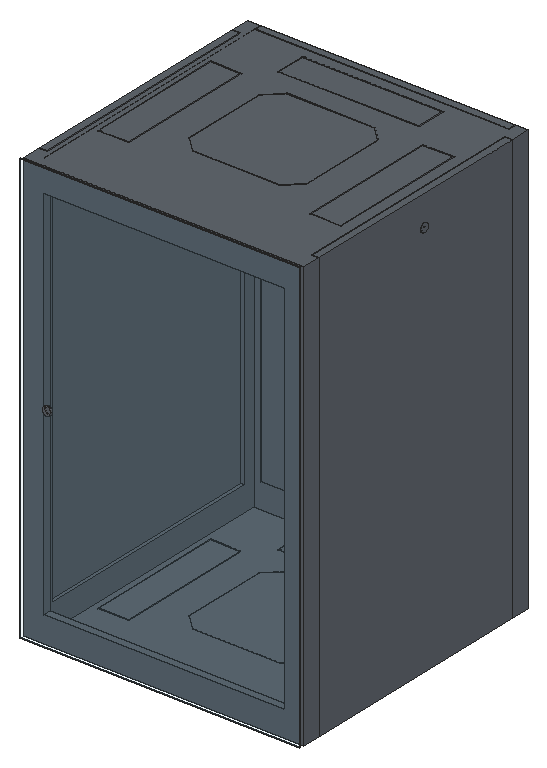
Revit family "Linkeo Freestanding cabinets with single front door width 800", category Equipement spécialisé, Revit 2020
Family settings
  Cote de connecteur circulaire = Utiliser le diamètre
  Type d'élément = Normal
  Numéro OmniClass = 23.85.05.17.11.14
  Titre OmniClass = Multimedia Broadcasting Equipment
  Basée sur le plan de construction = Non
  Toujours verticalement = Oui
  Couper avec des vides une fois chargée = Non
  Partagée = Oui
  Point de calcul de pièce = Non
Parameters (values of type "Cabinet Linkeo2 24U 800x800")
  With roof plate = yes
  With earthing = yes
  Width (mm) = 810.00 mm
  Usable width (mm) = 690.00 mm
  Usable height (mm) = 1081.00 mm
  Type of ventilation = "None"
  Type of surface = "Powder coating"
  Type of profile rail = "Crank"
  Storage temperature = "-25°C à 70°C"
  Rack location = 93.00 mm
  RAL Number = "7016"
  Operating temperature = "-25°C à 70°C"
  Number of height units = 24
  Number of doors = "1"
  Mounting level = "Front side"
  Modular spacing = "19 inches"
  Model width = 800.00 mm
  Model = "With permanent frame"
  Max load capacity = "400"
  Material = "Steel"
  Locking of the front door = "One point"
  Legrand part number = "646751"
  Type of levelling feet = "Levelling feet  800X800"
  Type of vertical uprights = "Vertical uprights for Linkeo freestanding cabinets  24U"
  Type of horizontal uprights = "Horizontal uprights for Linkeo freestanding cabinets  24U depth 800"
  Height = 1226.00 mm
  Function = "Cabinet Linkeo2"
  Front door material = glass
  Fabricant = "Legrand"  # constant formula
  E-catalogue link = "https://www.legrand.fr/reference/646751/pro"
  Door symbol = "Door symbol  Door 800mm"
  Elévation par défaut = 0.00 mm
  EAN = "3414971001510"
  Distance of the aperture 2 = 198.00 mm
  Distance of the aperture 1 = 257.00 mm
  Depth of the model (mm) = 800.00 mm
  Depth = 830.00 mm
  Degree of protection IP = "IP20"
  Degree of protection IK = "IK08"
  Color = grey
  BIM wording = "Cabinet Linkeo2 24U 800x800"
  Avec porte frontale = yes
  Application class = "EC002499"
Types (7, lengths in mm): name | Usable width (mm) | Usable height (mm) | Number of height units | Legrand part number | Type of levelling feet | Type of vertical uprights | Type of horizontal uprights | Height | E-catalogue link | EAN | Distance of the aperture 2 | Distance of the aperture 1 | Depth of the model (mm) | Depth | BIM wording
  Cabinet Linkeo2 24U 800x800 | 690.00 | 1081.00 | 24 | "646751" | "Levelling feet  800X800" | "Vertical uprights for Linkeo freestanding cabinets  24U" | "Horizontal uprights for Linkeo freestanding cabinets  24U depth 800" | 1226.00 | "https://www.legrand.fr/reference/646751/pro" | "3414971001510" | 198.00 | 257.00 | 800.00 | 830.00 | "Cabinet Linkeo2 24U 800x800"
  Cabinet Linkeo2 33U 800x800 | 690.00 | 1386.00 | 33 | "646756" | "Levelling feet  800X800" | "Vertical uprights for Linkeo freestanding cabinets  33U" | "Horizontal uprights for Linkeo freestanding cabinets  33U depth 800" | 1626.00 | "https://www.legrand.fr/reference/646756/pro" | "3414971001534" | 198.00 | 257.00 | 800.00 | 830.00 | "Cabinet Linkeo2 33U 800x800"
  Cabinet Linkeo2 42U 800x600 | 490.00 | 1786.00 | 42 | "646763" | "Levelling feet  800X600" | "Vertical uprights for Linkeo freestanding cabinets  42U" | "Horizontal uprights for Linkeo freestanding cabinets  42U depth 600" | 2026.00 | "https://www.legrand.fr/reference/646763/pro" | "3414971001572" | 98.00 | 57.00 | 600.00 | 630.00 | "Cabinet Linkeo2 42U 800x600"
  Cabinet Linkeo2 42U 800x800 | 690.00 | 1786.00 | 42 | "646764" | "Levelling feet  800X800" | "Vertical uprights for Linkeo freestanding cabinets  42U" | "Horizontal uprights for Linkeo freestanding cabinets  42U depth 800" | 2026.00 | "https://www.legrand.fr/reference/646764/pro" | "3414971001589" | 198.00 | 257.00 | 800.00 | 830.00 | "Cabinet Linkeo2 42U 800x800"
  Cabinet Linkeo2 42U 800x1000 | 890.00 | 1881.00 | 42 | "646765" | "Levelling feet  800X1000" | "Vertical uprights for Linkeo freestanding cabinets  42U" | "Horizontal uprights for Linkeo freestanding cabinets  42U depth 1000" | 2026.00 | "https://www.legrand.fr/reference/646765/pro" | "3414971001596" | 298.00 | 457.00 | 1000.00 | 1030.00 | "Cabinet Linkeo2 42U 800x1000"
  Cabinet Linkeo2 47U 800x800 | 690.00 | 2008.00 | 47 | "646773" | "Levelling feet  800X800" | "Vertical uprights for Linkeo freestanding cabinets  47U" | "Horizontal uprights for Linkeo freestanding cabinets  47U depth 800" | 2248.00 | "https://www.legrand.fr/reference/646773/pro" | "3414971001640" | 198.00 | 257.00 | 800.00 | 830.00 | "Cabinet Linkeo2 47U 800x800"
  Cabinet Linkeo2 47U 800x1000 | 890.00 | 2008.00 | 47 | "646774" | "Levelling feet  800X1000" | "Vertical uprights for Linkeo freestanding cabinets  47U" | "Horizontal uprights for Linkeo freestanding cabinets  47U depth 1000" | 2248.00 | "https://www.legrand.fr/reference/646774/pro" | "3414971001657" | 298.00 | 457.00 | 1000.00 | 1030.00 | "Cabinet Linkeo2 47U 800x1000"
Reference planes
  plane 1 "Centre (avant/arrière)": y = 106
  plane 2: z = 0
  plane 3: x = -100
  plane 4: x = 700
  plane 5: z = 1226
  plane 6: y = -694
  plane 7: x = -45
  plane 8: x = 645
  plane 9: x = 300
  plane 10: z = 1153.5
  plane 11: z = 72.5
  plane 12: z = 613
  plane 13: y = -692
  plane 14: x = 300
  plane 15: y = -444.5
  plane 16: y = 455.094
  plane 17: x = 1428.928
  plane 18: z = -485.313
  plane 19: x = 2466.566
  plane 20: z = 613
  plane 21: x = 300
  plane 22: x = 500
  plane 23: x = 100
  plane 24: x = 300
  plane 25: y = -601
  plane 26: x = 525
  plane 27: y = -599.5
  plane 28: x = 556.5
  plane 29: x = 558
  plane 30: y = -560.5
  plane 31: y = -559
  plane 32: x = 534.5
  plane 33: x = 536
  plane 34: z = 80
  plane 35: z = 89.5
  plane 36: x = 528.5
  plane 37: x = 538
  plane 38: z = 111.75
  plane 39: z = 121.25
  plane 40: y = -742.5
  plane 41: y = -752
  plane 42: z = 105.38
  plane 43: z = 95.88
  plane 44: x = 77
  plane 45: x = 67.5
  plane 46: x = 66
  plane 47: z = 77.5
  plane 48: z = 1191
  plane 49: z = 613
  plane 50: y = -694
  plane 51: y = 66
  plane 52: z = 35
  plane 53: y = -601
  plane 54 "Panneaux gauche": y = -597.5
  plane 55 "Panneaux droit": y = 62.5
  plane 56 "Panneaux haut": z = 1189
  plane 57: z = 1141
  plane 58: z = 1141
  plane 59: y = -267.5
  plane 60: x = 175
  plane 61: x = 425
  plane 62: y = 54
  plane 63: y = -36
  plane 64: x = 98
  plane 65: x = 502
  plane 66: x = 131
  plane 67: y = -344.658
  plane 68: x = 469
  plane 69: y = -6.658
  plane 70: x = 133.5
  plane 71: y = -9.158
  plane 72: y = -342.158
  plane 73: x = 466.5
  plane 74: y = -50.658
  plane 75: y = -300.158
  plane 76: through (150.891, -321.084, 1200) normal (-0.7071, -0.7071, 0)
  plane 77: through (440.304, -329.89, 1200) normal (-0.7071, 0.7071, 0)
  plane 78: through (446.349, -26.971, 1200) normal (-0.7071, -0.7071, 0)
  plane 79: through (445.75, -29.908, 1200) normal (-0.7071, -0.7071, 0)
  plane 80: through (150.227, -316.885, 1200) normal (-0.7071, -0.7071, 0)
  plane 81: through (445.5, -321.158, 1200) normal (-0.7071, 0.7071, 0)
  plane 82: x = 100.5
  plane 83: y = 91.5
  plane 84: y = 7.5
  plane 85: x = 499.5
  plane 86: x = 131
  plane 87: y = -437
  plane 88: x = 469
  plane 89: y = -99
  plane 90: x = 133.5
  plane 91: y = -101.5
  plane 92: y = -434.5
  plane 93: x = 466.5
  plane 94: y = -143
  plane 95: y = -392.5
  plane 96: through (150.891, -413.426, 577) normal (-0.7071, -0.7071, 0)
  plane 97: through (440.304, -422.232, 577) normal (-0.7071, 0.7071, 0)
  plane 98: through (446.349, -119.313, 577) normal (-0.7071, -0.7071, 0)
  plane 99: through (445.75, -122.25, 577) normal (-0.7071, -0.7071, 0)
  plane 100: through (150.227, -409.227, 577) normal (-0.7071, -0.7071, 0)
  plane 101: through (445.5, -413.5, 577) normal (-0.7071, 0.7071, 0)
  plane 102: x = -49
  plane 103: x = 41
  plane 104: y = -92
  plane 105: y = -496
  plane 106: y = -94.5
  plane 107: x = -46.5
  plane 108: x = 559
  plane 109: x = 649
  plane 110: through (113.028, -163.472, 1200) normal (-0.7071, 0.7071, 0)
  plane 111: through (194.144, -78.82, 1200) normal (0.7071, -0.7071, 0)
  plane 112: through (113.028, -71.13, 1823) normal (-0.7071, 0.7071, 0)
  plane 113: through (194.144, 13.522, 1823) normal (0.7071, -0.7071, 0)
  plane 114: x = 175.5
  plane 115: through (175.5, -434.5, 1200) normal (-0.7071, -0.7071, 0)
  plane 116: x = 424.5
  plane 117: through (424.5, -434.5, 1200) normal (-0.7071, 0.7071, 0)
  plane 118: through (133.5, -143, 1200) normal (-0.7071, 0.7071, 0)
  plane 119: through (425, -101.5, 1200) normal (0.7071, 0.7071, 0)
  plane 120: x = 175.5
  plane 121: through (175.5, -342.158, 1823) normal (-0.7071, -0.7071, 0)
  plane 122: x = 424.5
  plane 123: through (424.5, -342.158, 1823) normal (-0.7071, 0.7071, 0)
  plane 124: through (133.5, -50.658, 1823) normal (-0.7071, 0.7071, 0)
  plane 125: through (425, -9.158, 1823) normal (0.7071, 0.7071, 0)
  plane 126: y = -601
  plane 127: z = 124.45
  plane 128: x = 42
  plane 129: y = -493.5
  plane 130: x = 100.5
  plane 131: x = 100.5
  plane 132: x = 100.5
  plane 133: x = 561.5
  plane 134: z = 1158
  plane 135: y = -294
  plane 136: y = 84.5
  plane 137: y = -672.5
  plane 138: x = 41
  plane 139: x = 559
  plane 140: x = 300
  plane 141: z = 4270
  plane 142: z = 1158
  plane 143: y = -694
  plane 144: z = 72
  plane 145: z = 1154
  plane 146: y = 82.5
  plane 147: y = -670.5
  plane 148: x = 38.5
  plane 149: x = 646.5
  plane 150: x = 678.5
  plane 151: x = -78.5
  plane 152: z = 1153.5
  plane 153: z = 72.5
  plane 154: z = 613
  plane 155: y = -294
  plane 156: y = 51
  plane 157: y = -639
  plane 158: x = -63.5
  plane 159: x = 663.5
  plane 160: y = 84.5
  plane 161: y = -294
  plane 162: y = -709
  plane 163: y = -704
  plane 164: y = -294
Forms (mm)
  Extrusion 1, solid, material "grey" <- "Color"
    sketch origin (-100, 0, 0) x (0, 1, 0) y (0, 0, 1)
      loop
        line (-694, 0) -> (106, 0) -> (106, 1226) -> (-694, 1226) -> (-694, 0)
    from 0 to 800
  Extrusion 2, void
    sketch origin (-250, 82.5, 1200) x (1, 0, 0) y (0, 0, 1)
      loop
        line (185, 24) -> (185, -1198) -> (915, -1198) -> (915, 24) -> (185, 24)
    from 0 to 753
  Extrusion 3, void
    sketch origin (0, 106, 0) x (1, 0, 0) y (0, 0, 1)
      loop
        line (-45, 1153.5) -> (-45, 72.5) -> (645, 72.5) -> (645, 1153.5) -> (-45, 1153.5)
    from 0 to 800
  Extrusion 4, solid, material "grey"
    sketch origin (-658.117, -709, 141.471) x (1, 0, 0) y (0, 0, 1)
      loop
        circle (638.746, 471.529) r 12
    from 0 to 5
  Extrusion 5, void
    sketch origin (-657.497, -714, 141.306) x (-1, 0, 0) y (0, 0, 1)
      loop
        line (-631.856, 476.03) -> (-633.789, 477.963) -> (-644.395, 467.357) -> (-642.463, 465.424) -> (-631.856, 476.03)
    from 0 to 2
  Extrusion 6, solid, material "grey", not visible
    sketch origin (50.552, -709, -159.029) x (1, 0, 0) y (0, 0, 1)
      loop
        circle (638.746, 471.529) r 12
    from 0 to 5
  Extrusion 7, void, not visible
    sketch origin (51.172, -714, -159.194) x (-1, 0, 0) y (0, 0, 1)
      loop
        line (-631.856, 476.03) -> (-633.789, 477.963) -> (-644.395, 467.357) -> (-642.463, 465.424) -> (-631.856, 476.03)
    from 0 to 2
  Extrusion 8, solid, material "grey" <- "Color", not visible
    sketch origin (-100, 47, -855.959) x (0, -1, 0) y (0, 0, 1)
      loop
        circle (154, 1149) r 12
    from 0 to 4
  Extrusion 9, void, not visible
    sketch origin (-104, 531.38, -177.686) x (0, 1, 0) y (0, 0, 1)
      loop
        line (-631.856, 476.03) -> (-633.789, 477.963) -> (-644.395, 467.357) -> (-642.463, 465.424) -> (-631.856, 476.03)
    from 0 to 2
  Extrusion 10, solid, material "grey" <- "Color"
    sketch origin (-100, -113.5, -8) x (0, -1, 0) y (0, 0, 1)
      loop
        circle (154, 1149) r 12
    from 0 to 4
  Extrusion 11, void
    sketch origin (-104, 370.88, 670.273) x (0, 1, 0) y (0, 0, 1)
      loop
        line (-631.856, 476.03) -> (-633.789, 477.963) -> (-644.395, 467.357) -> (-642.463, 465.424) -> (-631.856, 476.03)
    from 0 to 2
  Extrusion 12, solid, material "grey" <- "Color", not visible
    sketch origin (621, -865.746, -189.529) x (0, 1, 0) y (0, 0, 1)
      loop
        circle (638.746, 471.529) r 12
    from 0 to 4
  Extrusion 13, void, not visible
    sketch origin (625, -865.126, -189.694) x (0, -1, 0) y (0, 0, 1)
      loop
        line (-631.856, 476.03) -> (-633.789, 477.963) -> (-644.395, 467.357) -> (-642.463, 465.424) -> (-631.856, 476.03)
    from 0 to 2
  Extrusion 14, void
    sketch origin (0, -23, 0) x (1, 0, 0) y (0, 1, 0)
      loop
        line (131, -118.964) -> (131, -370.536) -> (174.464, -414) -> (425.536, -414) -> (469, -370.536) -> (469, -118.964) -> (426.036, -76) -> (173.964, -76) -> (131, -118.964)
    from 1226 to 0
  Extrusion 15, void
    sketch origin (-100, -694, 0) x (0, -1, 0) y (1, 0, 0)
      loop
        line (-658, 198) -> (-658, 602) -> (-748, 602) -> (-748, 198) -> (-658, 198)
    from 0 to 1226
  Extrusion 16, solid, material "grey" <- "Color"
    sketch origin (698, 106, 1226) x (-1, 0, 0) y (0, -1, 0)
      loop
        line (597.5, 56) -> (597.5, 138.5) -> (198.5, 138.5) -> (198.5, 56) -> (597.5, 56)
    from 0 to -2
  Extrusion 17, solid, material "grey" <- "Color", not visible
    sketch origin (698, 146, 625) x (-1, 0, 0) y (0, -1, 0)
      loop
        line (597.5, 56) -> (597.5, 138.5) -> (198.5, 138.5) -> (198.5, 56) -> (597.5, 56)
    from 0 to -2
  Extrusion 18, solid, material "grey" <- "Color"
    sketch origin (698, 106, 2) x (-1, 0, 0) y (0, -1, 0)
      loop
        line (597.5, 56) -> (597.5, 138.5) -> (198.5, 138.5) -> (198.5, 56) -> (597.5, 56)
    from 0 to -2
  Extrusion 19, void
    sketch origin (0, 0, 0) x (0, 1, 0) y (1, 0, 0)
      loop
        line (-92, -49) -> (-92, 41) -> (-496, 41) -> (-496, -49) -> (-92, -49)
      loop
        line (-92, 559) -> (-92, 649) -> (-496, 649) -> (-496, 559) -> (-92, 559)
    from 0 to -1226
  Extrusion 20, solid, material "grey" <- "Color"
    sketch origin (-100, -454, 0) x (1, 0, 0) y (0, -1, 0)
      loop
        line (233.5, -311) -> (275, -352.5) -> (525, -352.5) -> (566.5, -311) -> (566.5, -61.5) -> (524.5, -19.5) -> (275.5, -19.5) -> (233.5, -61.5) -> (233.5, -311)
    from 0 to -2
  Extrusion 21, solid, material "grey" <- "Color"
    sketch origin (-100, 106, 1226) x (0, -1, 0) y (1, 0, 0)
      loop
        line (207.5, 275) -> (249, 233.5) -> (498.5, 233.5) -> (540.5, 275.5) -> (540.5, 524.5) -> (498.5, 566.5) -> (249, 566.5) -> (207.5, 525) -> (207.5, 275)
    from -2 to 0
  Extrusion 22, void
    sketch origin (0, 106, 0) x (1, 0, 0) y (0, 0, 1)
      loop
        line (649, 1154) -> (-49, 1154) -> (-49, 72) -> (649, 72) -> (649, 1154)
    from 2 to 0
  Extrusion 23, solid, material "grey" <- "Color"
    sketch origin (938.746, 106, 667.471) x (-1, 0, 0) y (0, 0, 1)
      loop
        circle (638.746, 471.529) r 12
    from 0 to 4
  Extrusion 24, void
    sketch origin (938.126, 110, 667.306) x (1, 0, 0) y (0, 0, 1)
      loop
        line (-631.856, 476.03) -> (-633.789, 477.963) -> (-644.395, 467.357) -> (-642.463, 465.424) -> (-631.856, 476.03)
    from 0 to 2
  Extrusion 25, solid, material "grey" <- "Color"
    sketch origin (-100, 106, 1226) x (0, -1, 0) y (1, 0, 0)
      loop
        line (599.5, 746.5) -> (200.5, 746.5) -> (200.5, 661.5) -> (599.5, 661.5) -> (599.5, 746.5)
    from 0 to -2
  Extrusion 26, solid, material "grey" <- "Color"
    sketch origin (-100, -694, 0) x (1, 0, 0) y (0, -1, 0)
      loop
        line (53.5, -599.5) -> (138.5, -599.5) -> (138.5, -200.5) -> (53.5, -200.5) -> (53.5, -599.5)
    from 0 to -2
  Extrusion 27, solid, material "grey" <- "Color"
    sketch origin (-100, -694, 0) x (1, 0, 0) y (0, -1, 0)
      loop
        line (746.5, -599.5) -> (746.5, -200.5) -> (661.5, -200.5) -> (661.5, -599.5) -> (746.5, -599.5)
    from 0 to -2
  Extrusion 28, solid, material "grey" <- "Color"
    sketch origin (700, -421.5, -8) x (0, 1, 0) y (0, 0, 1)
      loop
        circle (154, 1149) r 12
    from 0 to 4
  Extrusion 29, void
    sketch origin (704, -905.88, 670.273) x (0, -1, 0) y (0, 0, 1)
      loop
        line (-631.856, 476.03) -> (-633.789, 477.963) -> (-644.395, 467.357) -> (-642.463, 465.424) -> (-631.856, 476.03)
    from 0 to 2
  Extrusion 30, void
    sketch origin (-100, 0, 0) x (0, 1, 0) y (0, 0, 1)
      loop
        line (51, 1226) -> (-639, 1226) -> (-639, 0) -> (51, 0) -> (51, 1226)
    from 0 to 21.5
  Extrusion 31, solid, material "grey" <- "Color"
    sketch origin (-100, 0, 0) x (0, 1, 0) y (0, 0, 1)
      loop
        line (51, 1226) -> (-639, 1226) -> (-639, 0) -> (51, 0) -> (51, 1226)
    from 0 to 21.5
  Extrusion 32, solid, material "grey" <- "Color"
    sketch origin (700, 0, 0) x (0, 1, 0) y (0, 0, 1)
      loop
        line (-639, 1226) -> (-639, 0) -> (51, 0) -> (51, 1226) -> (-639, 1226)
    from 0 to -21.5
  Extrusion 33, solid, material "grey" <- "Color"
    sketch origin (0, 106, 0) x (1, 0, 0) y (0, 0, 1)
      loop
        line (663.5, 1226) -> (-63.5, 1226) -> (-63.5, 0) -> (663.5, 0) -> (663.5, 1226)
    from 0 to 21.5
  Extrusion 34, solid, material "grey" <- "Color"
    sketch origin (-100, 106, 1226) x (0, -1, 0) y (1, 0, 0)
      loop
        line (200.5, 53.5) -> (599.5, 53.5) -> (599.5, 138.5) -> (200.5, 138.5) -> (200.5, 53.5)
    from 0 to -2
  Extrusion 35, void
    sketch origin (700, 0, 0) x (0, -1, 0) y (0, 0, 1)
      loop
        line (639, 1226) -> (-51, 1226) -> (-51, 0) -> (639, 0) -> (639, 1226)
    from 0 to 21.5
  Extrusion 36, void
    sketch origin (-100, 0, 0) x (0, 1, 0) y (0, 0, 1)
      loop
        line (51, 1153.5) -> (-639, 1153.5) -> (-639, 72.5) -> (51, 72.5) -> (51, 1153.5)
    from 0 to 800
  Extrusion 37, void
    sketch origin (-100, 106, 1226) x (1, 0, 0) y (0, -1, 0)
      loop
        line (36.5, 21.5) -> (36.5, 0) -> (763.5, 0) -> (763.5, 21.5) -> (36.5, 21.5)
    from 0 to 1226
  Extrusion 38, solid, material "glass" <- "Front door material"
    sketch origin (-100, 106, 1226) x (0, -1, 0) y (1, 0, 0)
      loop
        line (815, 0) -> (815, 800) -> (810, 800) -> (810, 0) -> (815, 0)
    from -1226 to 4
Cuts and joins
  Extrusion 2, Extrusion 3, Extrusion 14, Extrusion 15, Extrusion 19, Extrusion 22, Extrusion 30, Extrusion 35, Extrusion 36, Extrusion 37 cuts Extrusion 1
  Extrusion 5 cuts Extrusion 4
  Extrusion 11, Extrusion 36 cuts Extrusion 10
  Extrusion 24 cuts Extrusion 23
  Extrusion 29, Extrusion 35 cuts Extrusion 28
Lines and regions (mm)
  model lines, not visible
    curve 1: line (488, 106, 613) -> (512, 106, 613)
    curve 2: line (-104, -119, 293.041) -> (-104, -107, 293.041)
    curve 3: line (-104, -279.5, 1141) -> (-104, -267.5, 1141)
    curve 4: line (661, -215, 282) -> (661, -227, 282)
    curve 5: line (-139, -227, 282) -> (-139, -227, 270)
    curve 6: line (-100, -254, 867) -> (-100, -254, 855)
    curve 7: line (-100, -93.5, 19.041) -> (-100, -93.5, 7.041)
    curve 8: line (288, 146, 1139) -> (300, 146, 1139)
    curve 9: line (300, -654, 1139) -> (300, -654, 1127)
    curve 10: line (704, -255.5, 1141) -> (704, -267.5, 1141)
    curve 11: line (700, -281, 867) -> (700, -281, 855)
    curve 12: line (700, -281, 867) -> (700, -271, 867)
    curve 13: line (-100, -93.5, 19.041) -> (-100, -103.5, 19.041)
    curve 14: line (-100, -254, 867) -> (-100, -264, 867)
    curve 15: line (700, -654, 1127) -> (700, -639, 1127)
    curve 16: line (-139, -627, 270) -> (-124, -627, 270)
Dimensions and locks
  "Model width": plane 4 to plane 3
  "Height": plane 5 to level
  "Depth of the model (mm)": plane 6 to plane 1 "Centre (avant/arrière)"
  locked: plane 7 to plane 8 at 690
  equal spacing: plane 7, plane 9, plane 8
  equal spacing: plane 4, plane 9, plane 3
  equal spacing: plane 5, plane 12, level
  equal spacing: plane 10, plane 12, plane 11
  "Usable height (mm)": plane 10 to plane 11
  Extrusion 2 sketch curve to plane 3 = 35.00 mm
  Extrusion 2 sketch curve to plane 4 = 35.00 mm
  locked: Extrusion 2 sketch curve to level at 2
  locked: plane 5 to Extrusion 2 sketch curve at 2
  locked: plane 6 to plane 13 at 2
  cut or joined group 1 (Extrusion 1, Extrusion 2, Extrusion 3, Extrusion 14, Extrusion 15, Extrusion 19, Extrusion 22, Extrusion 30, Extrusion 35, Extrusion 36, Extrusion 37) to plane 1 "Centre (avant/arrière)" = 23.50 mm
  equal spacing: plane 3, plane 14, plane 4
  equal spacing: plane 23, plane 24, plane 22
  "Rack location": plane 25 to plane 6
  locked: plane 27 to plane 25 at 1.5
  locked: plane 28 to plane 29 at 1.5
  locked: plane 30 to plane 31 at 1.5
  locked: plane 32 to plane 33 at 1.5
  plane 29 to cut or joined group 1 = 107.00 mm
  locked: plane 26 to plane 28 at 31.5
  locked: plane 31 to plane 25 at 42
  locked: plane 32 to plane 29 at 23.5
  locked: plane 34 to level at 80
  locked: plane 35 to plane 34 at 9.5
  locked: plane 36 to plane 37 at 9.5
  locked: plane 26 to plane 36 at 3.5
  locked: plane 39 to plane 38 at 9.5
  locked: plane 38 to plane 34 at 31.75
  plane 41 to plane 40 = 9.50 mm
  locked: plane 42 to plane 43 at 9.5
  plane 43 to plane 35 = 6.38 mm
  locked: plane 45 to plane 46 at 1.5
  locked: plane 47 to plane 11 at 5
  plane 5 to plane 48 to plane 10 = 35.00 mm, 37.50 mm
  locked: plane 51 to plane 1 "Centre (avant/arrière)" at 40
  locked: plane 52 to level at 35
  locked: plane 48 to plane 5 at 35
  locked: plane 25 to plane 54 "Panneaux gauche" at 3.5
  locked: plane 55 "Panneaux droit" to plane 51 at 3.5
  locked: plane 56 "Panneaux haut" to plane 48 at 2
  plane 57 to plane 5 = 85.00 mm
  locked: plane 5 to plane 58 at 85
  plane 54 "Panneaux gauche" to plane 55 "Panneaux droit" = 660.00 mm
  equal spacing: plane 54 "Panneaux gauche", plane 59, plane 55 "Panneaux droit"
  locked: plane 64 to plane 65 at 404
  "Distance of the aperture 2": plane 1 "Centre (avant/arrière)" to plane 104
  locked: plane 104 to plane 105 at 404
  locked: plane 102 to plane 103 at 90
  locked: plane 104 to plane 106 at 2.5
  locked: plane 102 to plane 107 at 2.5
  locked: plane 3 to plane 102 at 51
  locked: plane 108 to plane 109 at 90
  plane 109 to plane 4 = 51.00 mm
  "Distance of the aperture 1": plane 50 to plane 87
  locked: plane 127 to plane 34 at 44.45
  equal spacing: plane 128, plane 24, plane 29
  locked: plane 128 to plane 29 at 516
  plane 1 "Centre (avant/arrière)" to plane 62 = 52.00 mm
  cut or joined group 1 to plane 63 = 90.00 mm
  plane 129 to plane 105 = 2.50 mm
  plane 5 to plane 134 = 68.00 mm
  equal spacing: plane 136, plane 135, plane 137
  equal spacing: plane 1 "Centre (avant/arrière)", plane 135, plane 6
  equal spacing: plane 138, plane 140, plane 139, locked at 259 each
  plane 141 to plane 20 = 3657.00 mm
  equal spacing: Extrusion 30 sketch curve, plane 135, Extrusion 30 sketch curve
  "Usable width (mm)": Extrusion 30 sketch curve to Extrusion 30 sketch curve
  locked: plane 144 to level at 72
  plane 5 to plane 145 = 72.00 mm
  locked: plane 1 "Centre (avant/arrière)" to plane 146 at 23.5
  locked: plane 50 to plane 147 at 23.5
  locked: plane 148 to plane 103 at 2.5
  locked: plane 149 to plane 109 at 2.5
  locked: plane 150 to plane 4 at 21.5
  locked: plane 3 to plane 151 at 21.5
  equal spacing: plane 152, plane 154, plane 153
  "Usable height (mm)": plane 152 to plane 153
  equal spacing: plane 156, plane 155, plane 157
  "Usable width (mm)": plane 156 to plane 157
  locked: plane 3 to plane 158 at 36.5
  locked: plane 159 to plane 4 at 36.5
  locked: plane 1 "Centre (avant/arrière)" to plane 160 at 21.5
  equal spacing: plane 1 "Centre (avant/arrière)", plane 161, plane 143
  locked: plane 163 to plane 162 at 5
  locked: plane 163 to plane 50 at 10
  cut or joined group of Extrusion 4, Extrusion 5 to Extrusion 38 = 5.00 mm
  equal spacing: plane 50, plane 164, plane 1 "Centre (avant/arrière)"
  locked: curve 11 to curve 6 at 27
  locked: curve 12 to curve 14
  locked: curve 15 to plane 5 at 99
  aligned and locked: level to plane 2
  aligned and locked: Extrusion 1 sketch curve to level
  aligned and locked: Extrusion 1 sketch curve to plane 6
  aligned and locked: plane 5 to Extrusion 1 sketch curve
  aligned and locked: Extrusion 1 sketch curve to plane 1 "Centre (avant/arrière)"
  aligned and locked: Extrusion 1 to plane 4
  aligned and locked: Extrusion 1 to plane 3
  aligned and locked: Extrusion 3 sketch curve to plane 10
  aligned and locked: Extrusion 3 sketch curve to plane 7
  aligned and locked: plane 11 to Extrusion 3 sketch curve
  aligned and locked: Extrusion 3 sketch curve to plane 8
  aligned and locked: Extrusion 1 to Extrusion 3  (x2)
  aligned and locked: plane 24 to plane 9
  aligned and locked: plane 20 to plane 12
  aligned and locked: plane 49 to Extrusion 4
  aligned and locked: plane 49 to plane 20
  aligned and locked: plane 6 to plane 50
  aligned and locked: plane 57 to curve 3
  aligned and locked: plane 59 to curve 3
  aligned and locked: Extrusion 15 sketch curve to plane 64
  aligned and locked: plane 65 to Extrusion 15 sketch curve
  aligned and locked: Extrusion 16 to cut or joined group 1
  aligned and locked: Extrusion 1 to Extrusion 15
  aligned and locked: plane 104 to Extrusion 19 sketch curve  (x2)
  aligned and locked: Extrusion 19 sketch curve to plane 102
  aligned and locked: Extrusion 19 sketch curve to plane 105  (x2)
  aligned and locked: plane 103 to Extrusion 19 sketch curve
  aligned and locked: plane 5 to Extrusion 19
  aligned and locked: Extrusion 14 sketch curve to plane 86
  aligned and locked: Extrusion 14 sketch curve to plane 111
  aligned and locked: Extrusion 14 sketch curve to plane 89
  aligned and locked: Extrusion 14 sketch curve to plane 98
  aligned and locked: Extrusion 14 sketch curve to plane 88
  aligned and locked: Extrusion 14 sketch curve to plane 97
  aligned and locked: Extrusion 14 sketch curve to plane 87
  aligned and locked: Extrusion 14 sketch curve to plane 96
  aligned and locked: Extrusion 20 sketch curve to plane 110
  aligned and locked: Extrusion 20 sketch curve to plane 91
  aligned and locked: Extrusion 20 sketch curve to plane 99
  aligned and locked: Extrusion 20 sketch curve to plane 93
  aligned and locked: Extrusion 20 sketch curve to plane 101
  aligned and locked: Extrusion 20 sketch curve to plane 92
  aligned and locked: Extrusion 20 sketch curve to plane 100
  aligned and locked: Extrusion 20 sketch curve to plane 90
  aligned and locked: Extrusion 21 sketch curve to Extrusion 20  (x8)
  aligned and locked: Extrusion 21 to cut or joined group 1
  aligned and locked: plane 5 to Extrusion 21
  aligned and locked: Extrusion 20 to level
  aligned and locked: plane 109 to Extrusion 22 sketch curve
  aligned and locked: plane 102 to Extrusion 22 sketch curve
  aligned and locked: Extrusion 22 to Extrusion 1
  aligned and locked: plane 126 to plane 25
  aligned and locked: Extrusion 19 sketch curve to plane 108
  aligned and locked: plane 109 to Extrusion 19 sketch curve
  aligned and locked: Extrusion 15 sketch curve to plane 62
  aligned and locked: Extrusion 15 sketch curve to plane 63
  aligned and locked: Extrusion 16 to plane 130
  aligned and locked: Extrusion 17 to plane 131
  aligned and locked: Extrusion 18 to plane 132
  aligned and locked: Extrusion 1 to Extrusion 14
  aligned and locked: Extrusion 25 sketch curve to plane 106
  aligned and locked: Extrusion 25 sketch curve to plane 133
  aligned and locked: Extrusion 25 sketch curve to plane 129
  aligned and locked: Extrusion 25 to cut or joined group 1
  aligned and locked: plane 5 to Extrusion 25
  aligned and locked: Extrusion 26 to cut or joined group 1
  aligned and locked: Extrusion 27 sketch curve to Extrusion 25  (x2)
  aligned and locked: Extrusion 25 to Extrusion 27 sketch curve
  aligned and locked: Extrusion 27 to cut or joined group 1
  aligned and locked: plane 140 to plane 14
  aligned and locked: plane 142 to plane 134
  aligned and locked: plane 145 to Extrusion 22 sketch curve
  aligned and locked: Extrusion 22 sketch curve to plane 144
  aligned and locked: cut or joined group 1 to Extrusion 31 sketch curve
  aligned and locked: Extrusion 31 sketch curve to cut or joined group 1
  aligned and locked: Extrusion 32 sketch curve to cut or joined group 1  (x4)
  aligned and locked: plane 146 to Extrusion 2
  aligned and locked: Extrusion 2 to plane 147
  aligned and locked: Extrusion 26 sketch curve to plane 106
  aligned and locked: Extrusion 26 sketch curve to plane 107
  aligned and locked: Extrusion 34 sketch curve to Extrusion 26  (x2)
  aligned and locked: plane 129 to Extrusion 26 sketch curve
  aligned and locked: plane 129 to Extrusion 34 sketch curve
  aligned and locked: Extrusion 34 to cut or joined group 1
  aligned and locked: Extrusion 34 sketch curve to plane 148
  aligned and locked: Extrusion 26 sketch curve to plane 148
  aligned and locked: Extrusion 27 sketch curve to plane 149
  aligned and locked: Extrusion 25 sketch curve to plane 149
  aligned and locked: Extrusion 32 to plane 150
  aligned and locked: Extrusion 31 to plane 151
  aligned and locked: plane 5 to Extrusion 30 sketch curve
  aligned and locked: Extrusion 30 sketch curve to level
  aligned and locked: Extrusion 30 to Extrusion 31
  aligned and locked: Extrusion 35 sketch curve to Extrusion 32  (x2)
  aligned and locked: Extrusion 35 sketch curve to cut or joined group 1  (x2)
  aligned and locked: Extrusion 35 to Extrusion 32
  aligned and locked: plane 5 to Extrusion 31 sketch curve
  aligned and locked: Extrusion 31 sketch curve to level
  aligned and locked: plane 12 to plane 154
  aligned and locked: Extrusion 36 sketch curve to plane 11
  aligned and locked: Extrusion 36 sketch curve to plane 157
  aligned and locked: plane 156 to Extrusion 36 sketch curve
  aligned and locked: plane 10 to Extrusion 36 sketch curve
  aligned and locked: Extrusion 36 to plane 4
  aligned and locked: plane 160 to Extrusion 37 sketch curve
  aligned and locked: plane 158 to Extrusion 37 sketch curve
  aligned and locked: plane 1 "Centre (avant/arrière)" to Extrusion 37 sketch curve
  aligned and locked: Extrusion 37 sketch curve to plane 159
  aligned and locked: Extrusion 1 to Extrusion 37
  aligned and locked: plane 5 to Extrusion 33 sketch curve
  aligned and locked: Extrusion 33 sketch curve to level
  aligned and locked: Extrusion 33 sketch curve to cut or joined group 1  (x2)
  aligned and locked: Extrusion 33 to cut or joined group 1
  aligned and locked: plane 135 to plane 155
  aligned and locked: Extrusion 38 sketch curve to plane 162
  aligned and locked: Extrusion 38 sketch curve to plane 3
  aligned and locked: Extrusion 38 sketch curve to plane 163
  aligned and locked: Extrusion 38 sketch curve to plane 4
  aligned and locked: cut or joined group 1 to Extrusion 38
  aligned and locked: Extrusion 4 to Extrusion 38
  aligned and locked: curve 12 to curve 11
  aligned and locked: curve 13 to curve 7
  aligned and locked: curve 14 to curve 6
Automatic sketch dimensions
  Extrusion 5 sketch curve to Extrusion 5 sketch curve = 1.933 mm  (x2)
  Extrusion 5 sketch curve to Extrusion 5 sketch curve = 10.607 mm
  Extrusion 7 sketch curve to Extrusion 7 sketch curve = 1.933 mm  (x2)
  Extrusion 7 sketch curve to Extrusion 7 sketch curve = 10.607 mm
  Extrusion 9 sketch curve to Extrusion 9 sketch curve = 1.933 mm  (x2)
  Extrusion 9 sketch curve to Extrusion 9 sketch curve = 10.607 mm
  Extrusion 11 sketch curve to Extrusion 11 sketch curve = 1.933 mm  (x2)
  Extrusion 11 sketch curve to Extrusion 11 sketch curve = 10.607 mm
  Extrusion 13 sketch curve to Extrusion 13 sketch curve = 1.933 mm  (x2)
  Extrusion 13 sketch curve to Extrusion 13 sketch curve = 10.607 mm
  curve 5 to curve 5 = 12.00 mm
  curve 6 to curve 6 = 12.00 mm
  curve 7 to curve 7 = 12.00 mm
  Extrusion 24 sketch curve to Extrusion 24 sketch curve = 1.933 mm  (x2)
  Extrusion 24 sketch curve to Extrusion 24 sketch curve = 10.607 mm
  curve 9 to curve 9 = 12.00 mm
  curve 1 to plane 12 = 0.00 mm
  curve 1 to plane 85 = 11.50 mm
  plane 65 to curve 1 = 10.00 mm
  Extrusion 18 sketch curve to Extrusion 18 sketch curve = 399.00 mm
  Extrusion 18 sketch curve to Extrusion 18 sketch curve = 82.50 mm
  Extrusion 16 sketch curve to Extrusion 16 sketch curve = 399.00 mm
  Extrusion 16 sketch curve to Extrusion 16 sketch curve = 82.50 mm
  Extrusion 17 sketch curve to Extrusion 17 sketch curve = 399.00 mm
  Extrusion 17 sketch curve to Extrusion 17 sketch curve = 82.50 mm
  Extrusion 29 sketch curve to Extrusion 29 sketch curve = 1.933 mm  (x2)
  Extrusion 29 sketch curve to Extrusion 29 sketch curve = 10.607 mm
  curve 11 to curve 11 = 12.00 mm
  curve 10 to curve 10 = 12.00 mm
  curve 2 to curve 2 = 12.00 mm
  curve 3 to curve 3 = 12.00 mm
  curve 12 to curve 12 = 10.00 mm
  curve 13 to curve 13 = 10.00 mm
  curve 14 to curve 14 = 10.00 mm
  curve 15 to curve 15 = 15.00 mm
  curve 16 to curve 16 = 15.00 mm
  radius of Extrusion 4 sketch curve = 12.00 mm
  radius of Extrusion 6 sketch curve = 12.00 mm
  radius of Extrusion 12 sketch curve = 12.00 mm
  radius of Extrusion 10 sketch curve = 12.00 mm
  radius of Extrusion 8 sketch curve = 12.00 mm
  radius of Extrusion 23 sketch curve = 12.00 mm
  radius of Extrusion 28 sketch curve = 12.00 mm
